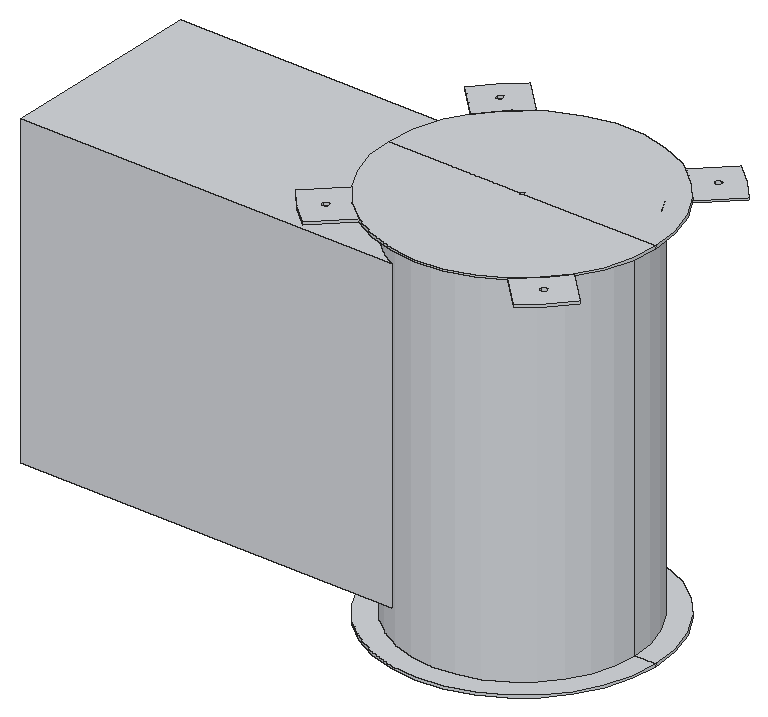
Revit family "AFB-H_Upblast_Ceiling_Mount", category Mechanical Equipment, Revit 2019
Family settings
  Round Connector Dimension = Use Radius
  Part Type = Normal
  Work Plane-Based = No
  Always vertical = Yes
  Cut with Voids When Loaded = No
  Shared = No
  Room Calculation Point = No
Parameters (values of type "12_AFB-H_UPBLAST_CEILING")
  Unit Weight [instance] = ""
  ModelID [instance] = ""
  L/2 = L / 2  # 0' - 6 3/8"
  L = 1' - 0 3/4"
  K/2 = K / 2  # 0' - 0 3/16"
  K = 0' - 0 3/8"
  J/2 = J / 2  # 0' - 9 1/32"
  Accessories [instance] = ""
  45 = 45.00°  # constant formula
  (L-1")/2 = (L - 0' 1") / 2  # 0' - 5 7/8"
  (J+(J-A))/2 = (J + ((J - A) / 2)) / 2  # 0' - 10 21/64"
  J = 1' - 6 1/16"
  CENTER = 0' - 0"  # constant formula
  H-(A/2) = H - (A / 2)  # 1' - 6 3/16"
  H+J = H + CENTER  # 2' - 0 5/8"
  H = 2' - 0 5/8"
  Sones [instance] = ""
  Motor RPM [instance] = ""
  Motor Enclosure [instance] = ""
  LwA [instance] = ""
  G = 6' - 0"
  Fan RPM [instance] = ""
  F/2 = F / 2  # 0' - 0 5/32"
  F = 0' - 0 5/16"
  E/2 = E / 2  # 0' - 11"
  E-2" = E - 0' 2"  # 1' - 8"
  E = 1' - 10"
  C/2+J = C / 2 + CENTER  # 0' - 7 5/16"
  C/2 = C / 2  # 0' - 7 5/16"
  C = 1' - 2 5/8"
  B/2 = B / 2  # 0' - 7 13/16"
  B = 1' - 3 5/8"
  A/3 = A / 2.5  # 0' - 5.15"
  A/2 = A / 2  # 0' - 6 7/16"
  A = 1' - 0 7/8"
  60 = 60.00°  # constant formula
  30 = 30.00°  # constant formula
  3" = 0' - 3"  # constant formula
  Brake Hp [instance] = ""
  4" = 0' - 4"  # constant formula
  2' = 2' - 0"
  2" = 0' - 2"  # constant formula
  1" = 0' - 1"  # constant formula
  0 = 0' - 0"  # constant formula
  Voltage [instance] = 0 V
  URL = "www.lorencook.com"
  Type Comments = "Tube Axial Fan Upblast Ceiling Mount High Temperature Construction Belt Drive Arrangement 9"  # constant formula
  Static Pressure [instance] = 0.00 in-wg
  Power [instance] = Voltage * Motor FLA * sqrt(if(Phase = 3, 3, 1))  # 0 VA
  Phase [instance] = 0
  Number of Poles [instance] = 1
  Motor Hp [instance] = "0"
  Motor FLA [instance] = 0 A
  Model = "AFB-H"  # constant formula
  Manufacturer = "Loren Cook Company"
  CFM [instance] = 0 CFM
  1.5 = 0' - 1 1/2"  # constant formula
  ONE EIGTH = 0' - 0 1/8"  # constant formula
  -E/2 = -E / 2  # -0' - 11"
  -(E-.25")/2 = -(E - 0' 0 1/4") / 2  # -0' - 10 7/8"
  (K/2)-((J-A-.25")/2) = (K / 2) - ((J - A - 0' 0 1/4") / 2)  # -0' - 2 9/32"
  (J-A-.25") = (J - A - 0' 0 1/4")  # 0' - 4 15/16"
  (H-(A/2))/2 = (H - (A / 2)) / 2  # 0' - 9 3/32"
  (E-.25")/2 = (E - 0' 0 1/4") / 2  # 0' - 10 7/8"
  (A+.25")/2 = (A + 0' 0 1/4") / 2  # 0' - 6 9/16"
Types (10): name | L/2 | L | K/2 | K | J/2 | (L-1")/2 | (J+(J-A))/2 | J | H-(A/2) | H+J | H | F/2 | F | E/2 | E-2" | E | C/2+J | C/2 | C | B/2 | B | A/3 | A/2 | A | -E/2 | -(E-.25")/2 | (K/2)-((J-A-.25")/2) | (J-A-.25") | (H-(A/2))/2 | (E-.25")/2 | (A+.25")/2
  (no name) | 0' - 6 3/8" | 1' - 0 3/4" | 0' - 0 3/16" | 0' - 0 3/8" | 0' - 9 1/32" | 0' - 5 7/8" | 0' - 10 21/64" | 1' - 6 1/16" | 1' - 6 3/16" | 2' - 0 5/8" | 2' - 0 5/8" | 0' - 0 5/32" | 0' - 0 5/16" | 0' - 11" | 1' - 8" | 1' - 10" | 0' - 7 5/16" | 0' - 7 5/16" | 1' - 2 5/8" | 0' - 7 13/16" | 1' - 3 5/8" | 0' - 5.15" | 0' - 6 7/16" | 1' - 0 7/8" | -0' - 11" | -0' - 10 7/8" | -0' - 2 9/32" | 0' - 4 15/16" | 0' - 9 3/32" | 0' - 10 7/8" | 0' - 6 9/16"
  12_AFB-H_UPBLAST_CEILING | 0' - 6 3/8" | 1' - 0 3/4" | 0' - 0 3/16" | 0' - 0 3/8" | 0' - 9 1/32" | 0' - 5 7/8" | 0' - 10 21/64" | 1' - 6 1/16" | 1' - 6 3/16" | 2' - 0 5/8" | 2' - 0 5/8" | 0' - 0 5/32" | 0' - 0 5/16" | 0' - 11" | 1' - 8" | 1' - 10" | 0' - 7 5/16" | 0' - 7 5/16" | 1' - 2 5/8" | 0' - 7 13/16" | 1' - 3 5/8" | 0' - 5.15" | 0' - 6 7/16" | 1' - 0 7/8" | -0' - 11" | -0' - 10 7/8" | -0' - 2 9/32" | 0' - 4 15/16" | 0' - 9 3/32" | 0' - 10 7/8" | 0' - 6 9/16"
  16_AFB-H_UPBLAST_CEILING | 0' - 7 13/16" | 1' - 3 5/8" | 0' - 0 3/16" | 0' - 0 3/8" | 0' - 11 1/32" | 0' - 7 5/16" | 1' - 0 21/64" | 1' - 10 1/16" | 1' - 9 11/16" | 2' - 6 1/8" | 2' - 6 1/8" | 0' - 0 5/32" | 0' - 0 5/16" | 1' - 0 1/2" | 1' - 11" | 2' - 1" | 0' - 9 5/16" | 0' - 9 5/16" | 1' - 6 5/8" | 0' - 9 13/16" | 1' - 7 5/8" | 0' - 6 3/4" | 0' - 8 7/16" | 1' - 4 7/8" | -1' - 0 1/2" | -1' - 0 3/8" | -0' - 2 9/32" | 0' - 4 15/16" | 0' - 10 27/32" | 1' - 0 3/8" | 0' - 8 9/16"
  18_AFB-H_UPBLAST_CEILING | 0' - 8 1/2" | 1' - 5" | 0' - 0 3/16" | 0' - 0 3/8" | 1' - 0 1/32" | 0' - 8" | 1' - 1 21/64" | 2' - 0 1/16" | 1' - 9 11/16" | 2' - 7 1/8" | 2' - 7 1/8" | 0' - 0 5/32" | 0' - 0 5/16" | 1' - 0 1/2" | 1' - 11" | 2' - 1" | 0' - 10 5/16" | 0' - 10 5/16" | 1' - 8 5/8" | 0' - 10 13/16" | 1' - 9 5/8" | 0' - 7.55" | 0' - 9 7/16" | 1' - 6 7/8" | -1' - 0 1/2" | -1' - 0 3/8" | -0' - 2 9/32" | 0' - 4 15/16" | 0' - 10 27/32" | 1' - 0 3/8" | 0' - 9 9/16"
  24_AFB-H_UPBLAST_CEILING | 0' - 10 7/8" | 1' - 9 3/4" | 0' - 0 3/16" | 0' - 0 3/8" | 1' - 3 13/32" | 0' - 10 3/8" | 1' - 4 57/64" | 2' - 6 13/16" | 2' - 3 7/16" | 3' - 3 7/8" | 3' - 3 7/8" | 0' - 0 7/32" | 0' - 0 7/16" | 1' - 3 1/2" | 2' - 5" | 2' - 7" | 1' - 1 7/16" | 1' - 1 7/16" | 2' - 2 7/8" | 1' - 2 9/16" | 2' - 5 1/8" | 0' - 9.95" | 1' - 0 7/16" | 2' - 0 7/8" | -1' - 3 1/2" | -1' - 3 3/8" | -0' - 2 21/32" | 0' - 5 11/16" | 1' - 1 23/32" | 1' - 3 3/8" | 1' - 0 9/16"
  28_AFB-H_UPBLAST_CEILING | 1' - 0 5/16" | 2' - 0 5/8" | 0' - 0 3/16" | 0' - 0 3/8" | 1' - 5 13/32" | 0' - 11 13/16" | 1' - 6 57/64" | 2' - 10 13/16" | 2' - 3 7/16" | 3' - 5 7/8" | 3' - 5 7/8" | 0' - 0 7/32" | 0' - 0 7/16" | 1' - 3 1/2" | 2' - 5" | 2' - 7" | 1' - 3 7/16" | 1' - 3 7/16" | 2' - 6 7/8" | 1' - 4 9/16" | 2' - 9 1/8" | 0' - 11.55" | 1' - 2 7/16" | 2' - 4 7/8" | -1' - 3 1/2" | -1' - 3 3/8" | -0' - 2 21/32" | 0' - 5 11/16" | 1' - 1 23/32" | 1' - 3 3/8" | 1' - 2 9/16"
  32_AFB-H_UPBLAST_CEILING | 1' - 2 1/8" | 2' - 4 1/4" | 0' - 0 7/32" | 0' - 0 7/16" | 1' - 7 31/32" | 1' - 1 5/8" | 1' - 9 45/64" | 3' - 3 15/16" | 2' - 4 3/4" | 3' - 9 1/4" | 3' - 9 1/4" | 0' - 0 7/32" | 0' - 0 7/16" | 1' - 5" | 2' - 8" | 2' - 10" | 1' - 5 1/2" | 1' - 5 1/2" | 2' - 11" | 1' - 6 5/8" | 3' - 1 1/4" | 1' - 1.2" | 1' - 4 1/2" | 2' - 9" | -1' - 5" | -1' - 4 7/8" | -0' - 3 1/8" | 0' - 6 11/16" | 1' - 2 3/8" | 1' - 4 7/8" | 1' - 4 5/8"
  36_AFB-H_UPBLAST_CEILING | 1' - 3 17/32" | 2' - 7 1/16" | 0' - 0 7/32" | 0' - 0 7/16" | 1' - 9 31/32" | 1' - 3 1/32" | 1' - 11 45/64" | 3' - 7 15/16" | 2' - 4 3/4" | 3' - 11 1/4" | 3' - 11 1/4" | 0' - 0 7/32" | 0' - 0 7/16" | 1' - 5" | 2' - 8" | 2' - 10" | 1' - 7 1/2" | 1' - 7 1/2" | 3' - 3" | 1' - 8 11/16" | 3' - 5 3/8" | 1' - 2.8" | 1' - 6 1/2" | 3' - 1" | -1' - 5" | -1' - 4 7/8" | -0' - 3 1/8" | 0' - 6 11/16" | 1' - 2 3/8" | 1' - 4 7/8" | 1' - 6 5/8"
  14_AFB-H_UPBLAST_CEILING | 0' - 7 3/32" | 1' - 2 3/16" | 0' - 0 3/16" | 0' - 0 3/8" | 0' - 10 1/32" | 0' - 6 19/32" | 0' - 11 21/64" | 1' - 8 1/16" | 1' - 6 3/16" | 2' - 1 5/8" | 2' - 1 5/8" | 0' - 0 5/32" | 0' - 0 5/16" | 0' - 11" | 1' - 8" | 1' - 10" | 0' - 8 5/16" | 0' - 8 5/16" | 1' - 4 5/8" | 0' - 8 27/32" | 1' - 5 11/16" | 0' - 5.95" | 0' - 7 7/16" | 1' - 2 7/8" | -0' - 11" | -0' - 10 7/8" | -0' - 2 9/32" | 0' - 4 15/16" | 0' - 9 3/32" | 0' - 10 7/8" | 0' - 7 9/16"
  20_AFB-H_UPBLAST_CEILING | 0' - 9 5/16" | 1' - 6 5/8" | 0' - 0 3/16" | 0' - 0 3/8" | 1' - 1 5/32" | 0' - 8 13/16" | 1' - 2 33/64" | 2' - 2 5/16" | 1' - 9 11/16" | 2' - 8 1/8" | 2' - 8 1/8" | 0' - 0 5/32" | 0' - 0 5/16" | 1' - 3 1/2" | 2' - 5" | 2' - 7" | 0' - 11 3/16" | 0' - 11 3/16" | 1' - 10 3/8" | 0' - 11 27/32" | 1' - 11 11/16" | 0' - 8.35" | 0' - 10 7/16" | 1' - 8 7/8" | -1' - 3 1/2" | -1' - 3 3/8" | -0' - 2 13/32" | 0' - 5 3/16" | 0' - 10 27/32" | 1' - 3 3/8" | 0' - 10 9/16"
Reference planes (in)
  plane 1 "Center (Front/Back)": y = 0
  plane 2: z = 0
  plane 3 "Center (Left/Right)": x = 0.40541
Forms (in)
  Revolve 1, solid
    sketch origin (0, 0, 0) x (1, 0, 0) y (0, 0, 1)
      loop
        line (0.40541, -11) -> (8.21791, -11) -> (8.21791, -10.875) -> (6.96791, -10.875) -> (6.96791, 10.875) -> (8.21791, 10.875) -> (8.21791, 11) -> (0.40541, 11) -> (0.40541, -11)
      axis (0.40541, -11) -> (0.40541, 11)
    angle from 0 to 360
  Extrusion 2, solid
    sketch origin (0.40541, 0, 10.875) x (1, 0, 0) y (0, -1, 0)
      loop
        arc (-2.92417, -5.875) -> (-6.5625, 0) -> (-2.92417, 5.875) r 6.5625
        line (-2.92417, 5.875) -> (-24.625, 5.875) -> (-24.625, -5.875) -> (-2.92417, -5.875)
    from 20 <- "E-2"" to 2
  Extrusion 3, void
    sketch origin (0, 0, 0) x (1, 0, 0) y (0, 1, 0)
      loop
        circle (0.40541, 0) r 0.125
    from -11 <- "-E/2" to 11 <- "E/2"
  Extrusion 4, solid
    sketch origin (0.40541, 0, 11) x (1, 0, 0) y (0, 1, 0)
      loop
        arc (-6.16499, 8.28631) -> (-7.30309, 7.30309) -> (-8.28631, 6.16499) r 10.32812
        line (-8.28631, 6.16499) -> (-6.48215, 4.36083)
        arc (-6.48215, 4.36083) -> (-5.52427, 5.52427) -> (-4.36083, 6.48215) r 7.8125
        line (-4.36083, 6.48215) -> (-6.16499, 8.28631)
      loop
        arc (6.16499, -8.28631) -> (7.30309, -7.30309) -> (8.28631, -6.16499) r 10.32812
        line (8.28631, -6.16499) -> (6.48215, -4.36083)
        arc (6.48215, -4.36083) -> (5.52427, -5.52427) -> (4.36083, -6.48215) r 7.8125
        line (4.36083, -6.48215) -> (6.16499, -8.28631)
      loop
        arc (-8.28631, -6.16499) -> (-7.30309, -7.30309) -> (-6.16499, -8.28631) r 10.32812
        line (-6.16499, -8.28631) -> (-4.36083, -6.48215)
        arc (-4.36083, -6.48215) -> (-5.52427, -5.52427) -> (-6.48215, -4.36083) r 7.8125
        line (-6.48215, -4.36083) -> (-8.28631, -6.16499)
      loop
        arc (8.28631, 6.16499) -> (7.30309, 7.30309) -> (6.16499, 8.28631) r 10.32812
        line (6.16499, 8.28631) -> (4.36083, 6.48215)
        arc (4.36083, 6.48215) -> (5.52427, 5.52427) -> (6.48215, 4.36083) r 7.8125
        line (6.48215, 4.36083) -> (8.28631, 6.16499)
    from 0 to -0.125
  Extrusion 5, void
    sketch origin (0, 0, 0) x (1, 0, 0) y (0, 1, 0)
      loop
        circle (6.78041, 6.375) r 0.1875
      loop
        circle (-5.96959, 6.375) r 0.1875
      loop
        circle (-5.96959, -6.375) r 0.1875
      loop
        circle (6.78041, -6.375) r 0.1875
    from 11 <- "E/2" to -11 <- "-E/2"
Cuts and joins
  Extrusion 3, Extrusion 5 cuts Revolve 1
  Extrusion 3, Extrusion 5 cuts Extrusion 2
  Extrusion 5 cuts Extrusion 4
Dimensions and locks (in)
  "0": Revolve 1 sketch curve to plane 3 "Center (Left/Right)"  (x2)
  "(A+.25")/2": Revolve 1 sketch curve to plane 3 "Center (Left/Right)"
  "B/2": Revolve 1 sketch curve to plane 3 "Center (Left/Right)"  (x2)
  "ONE EIGTH": Revolve 1 sketch curve to Revolve 1 sketch curve  (x2)
  "E": Revolve 1 sketch curve to Revolve 1 sketch curve
  "E/2": level to Revolve 1 sketch curve
  "H": Extrusion 2 sketch curve to plane 3 "Center (Left/Right)"
  "(L-1")/2": Extrusion 2 sketch curve to plane 1 "Center (Front/Back)"  (x2)
  "0": Extrusion 2 sketch curve to plane 3 "Center (Left/Right)"
  "0": Extrusion 2 sketch curve to plane 1 "Center (Front/Back)"
  "0": Extrusion 3 sketch curve to plane 3 "Center (Left/Right)"
  "0": plane 1 "Center (Front/Back)" to Extrusion 3 sketch curve
  "0": Extrusion 4 sketch curve to plane 3 "Center (Left/Right)"  (x8)
  "0": Extrusion 4 sketch curve to plane 1 "Center (Front/Back)"  (x8)
  "1.5": plane 3 "Center (Left/Right)" to Extrusion 4 sketch curve  (x3)
  "3"": Extrusion 4 sketch curve to Extrusion 4 sketch curve  (x4)
  "1.5": Extrusion 4 sketch curve to plane 3 "Center (Left/Right)"
  "L/2": plane 3 "Center (Left/Right)" to Extrusion 5 sketch curve  (x4)
  "L/2": plane 1 "Center (Front/Back)" to Extrusion 5 sketch curve  (x4)
  "(A+.25")/2": radius of Extrusion 2 sketch curve
  "ONE EIGTH": radius of Extrusion 3 sketch curve
  "(J+(J-A))/2": radius of Extrusion 4 sketch curve  (x4)
  "B/2": radius of Extrusion 4 sketch curve  (x4)
  "K/2": radius of Extrusion 5 sketch curve  (x4)
  "45": angle Extrusion 4 sketch curve to plane 3 "Center (Left/Right)"
  "45": angle Extrusion 4 sketch curve to plane 1 "Center (Front/Back)"  (x2)
  "45": angle plane 1 "Center (Front/Back)" to Extrusion 4 sketch curve
Automatic sketch dimensions
  Revolve 1 sketch curve to Revolve 1 sketch curve = 0' - 0"
  Revolve 1 sketch curve to Revolve 1 sketch curve = 1' - 6"
  Extrusion 2 sketch curve to Extrusion 2 sketch curve = 0' - 0"
Connectors (in)
  electrical at (-13.36917, -5.875, -0.125)
    settings: on Extrusion 2, index 1, voltage 0 V, apparent load 0 VA, apparent load phase1 0 VA, apparent load phase2 0 VA, apparent load phase3 0 VA, power factor 1, load classification "Other", number of poles 1, system type 30, power factor state 1, is connector primary yes, connector utility no, sub classification motor no, connector description ""
  hvac at (0.40541, 0, 10.875), driven by "A/2"
    settings: on Revolve 1, index 2, duct flow 0 CFM, flow factor 0, pres drop 0.00 in-wg, loss coef 0, conn angle 0.00°, conn width 12", conn height 12", conn diameter 12 7/8", duct sys type 29, conn prof type 0, flow config 0, flow direction 2, loss method 0, conn ref index -1, conn util no, is conn primary yes, conn desc ""
  hvac at (0.40541, 0, -11), driven by "A/2"
    settings: on cut or joined group of Revolve 1, Extrusion 3, Extrusion 5, index 4, duct flow 0 CFM, flow factor 0, pres drop 0.00 in-wg, loss coef 0, conn angle 0.00°, conn width 12", conn height 12", conn diameter 12 7/8", duct sys type 29, conn prof type 0, flow config 0, flow direction 1, loss method 0, conn ref index -1, conn util no, is conn primary no, conn desc ""
